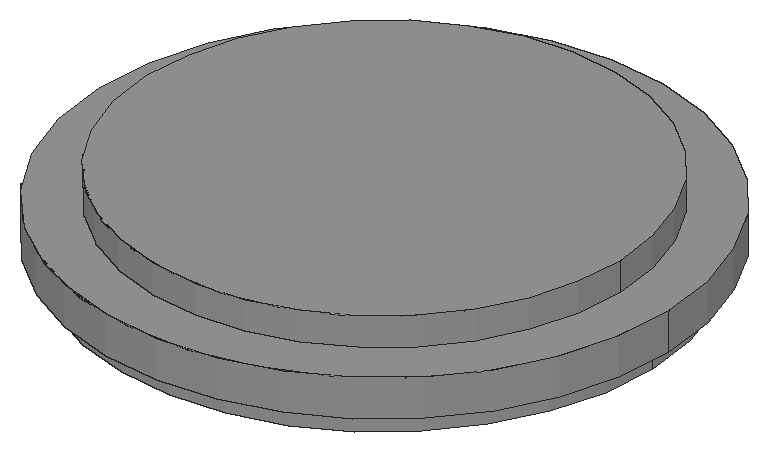
Revit family "MAGIC-HUBLOT_16W_DETECTEUR_1500LM", category Lighting Fixtures, host Ceiling, Revit 2021
Family settings
  Host = Ceiling
  Round Connector Dimension = Use Diameter
  Part Type = Normal
  OmniClass Number = 23.80.70.11
  OmniClass Title = Luminaries for Internal Lighting
  Always vertical = Yes
  Cut with Voids When Loaded = No
  Light Source = Yes
  Shared = No
  Room Calculation Point = No
Parameters (values of type "Type 1")
  Wattage Comments = "16W"
  Wattage = 10.0982 W
  built-in parameter 1150110 = 1 (stored number, unit not read)
  URL = "https://www.lucera.fr/"
  built-in parameter 1114217 = 1 (stored number, unit not read)
  Tilt Angle = 90.00°
  Temporisation = "Min 10s à max 12min"
  built-in parameter 1150109 = 1 (stored number, unit not read)
  built-in parameter 1150134 = 12
  built-in parameter 1150113 = 1 (stored number, unit not read)
  SDCM = "<5"
  Puissance nominale = "16W"
  Photometric Web File = "google_eulumdat_converter.ies"
  Matériau = "Polycarbonate résistant aux UV"
  Manufacturer = "Lucera - Lucera (c) 06/01/2021 16:38:31 +01:00"  # constant formula
  Maintien du flux = "L80B10 (50 000 heures)"
  Lumens = 1500 lm
  built-in parameter 1150115 = 1 (stored number, unit not read)
  built-in parameter 1150105 = 119.37 (stored number, unit not read)
  built-in parameter 1150137 = (empty or 0)
  built-in parameter 1150139 = (empty or 0)
  built-in parameter 1150112 = 1 (stored number, unit not read)
  built-in parameter 1150114 = 1 (stored number, unit not read)
  Lamp = "LED SMD"
  built-in parameter 1150132 = 2
  built-in parameter 1150102 = (empty or 0)
  built-in parameter 1150138 = (empty or 0)
  built-in parameter 1150107 = 4000 (stored number, unit not read)
  built-in parameter 1150106 = 1.1937 (stored number, unit not read)
  IRC = ">90"
  Fintion = "Blanc"
  Emit from Circle Diameter = 609.6 mm
  Emit Shape Visible in Rendering = no
  built-in parameter 1150104 = 13.8 (stored number, unit not read)
  Durée de vie = "50 000 heures"
  Distance de détection = "Mur : 5 à 15m réglable /Plafond : rayon de 2 à 8m réglable"
  Dimming Lamp Color Temperature Shift = <None>
  Dimensions = "Ø265 x 40 mm"
  Default Elevation = 0 mm
  Color Filter = 16777215
  Champs de détection = "180°/360°"
  built-in parameter 1114218 = 1 (stored number, unit not read)
  built-in parameter 1150133 = 10 (stored number, unit not read)
  Alimentation = "AC 220-240V"
Reference planes
  plane 1 "Light Source Axis (F/B)": y = 0
  plane 2: z = 0
  plane 3 "Light Source Axis (L/R)": x = 0
  plane 4 "Ceiling": z = 4000
  plane 5 "Light Source Elevation": z = 3964.757
Forms (mm)
  Extrusion 1, solid, material "Polycarbonate résistant aux UV"
    sketch origin (0, 0, 4000) x (0, 1, 0) y (-1, 0, 0)
      loop
        circle (0, 0) r 132.5
    from -30.338 to -13.087
  Extrusion 2, solid, material "Glass, White, High Luminance"
    sketch origin (0, 0, 4000) x (0, 1, 0) y (-1, 0, 0)
      loop
        circle (0, 0) r 125
    from -40 to -22.568
  Extrusion 3, solid, material "Polycarbonate résistant aux UV"
    sketch origin (0, 0, 4000) x (0, 1, 0) y (-1, 0, 0)
      loop
        circle (0, 0) r 110
    from -13.087 to 0
Lines and regions (mm)
  reference lines
    curve 1: line (0, 0, 4000) -> (0, 132.5, 4000)
    curve 2: line (0, 0, 4000) -> (0, -132.5, 4000)
    curve 3: line (0, 0, 4000) -> (132.5, 0, 4000)
    curve 4: line (0, 0, 4000) -> (-132.5, 0, 4000)
    curve 5: line (0, 0, 4000) -> (0, 0, 3960)
Dimensions and locks
  equal spacing: host sketch curve, plane 3 "Light Source Axis (L/R)", host sketch curve
  equal spacing: host sketch curve, plane 1 "Light Source Axis (F/B)", host sketch curve
  host sketch curve to host sketch curve = 4000 mm  (x2)
  plane 4 "Ceiling" to host ceiling = 0 mm
  aligned and locked: plane 1 "Light Source Axis (F/B)" to imposter light
  aligned and locked: plane 5 "Light Source Elevation" to imposter light
